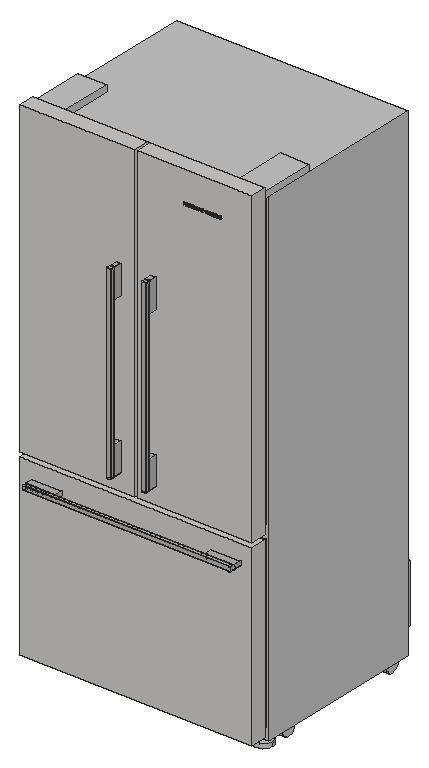
Revit family "FP_Revit_18_RF522ADX5_Fridge_90001947", category Specialty Equipment, Revit 2018
Family settings
  Round Connector Dimension = Use Diameter
  Part Type = Normal
  OmniClass Number = 23.40.40.11.11.17
  OmniClass Title = Refrigerator-Freezer
  Work Plane-Based = No
  Always vertical = Yes
  Cut with Voids When Loaded = Yes
  Shared = No
  Room Calculation Point = No
Parameters
  Visibility - Water Dispenser = yes
  Visibility - Clearance Required = yes
  URL = "www.fisherpaykel.com"
  Product - Width = 790 mm  # constant formula
  Product - Height = 1720 mm  # constant formula
  Product - Depth = 695 mm  # constant formula
  Model = "RF522ADX5"
  Material - Handle = Fisher & Paykel - Aluminium
  Material - Door Structure = Fisher & Paykel - White
  Material - Door Front = Fisher & Paykel - Stainless Steel
  Material - Body = Fisher & Paykel - Grey
  Manufacturer = "Fisher & Paykel Appliances"
  Description = "79cm Freestanding French Door Refrigerator Freezer"
  Connector Description - Electrical = "220-240V, 50Hz"
  Chassis - Width = 790 mm  # constant formula
  Chassis - Height = 1662 mm  # constant formula
  Chassis - Depth = 625 mm  # constant formula
  Cavity - Width = 830 mm  # constant formula
  Cavity - Height = 1735 mm  # constant formula
  Cavity - Depth = 695 mm  # constant formula
Reference planes
  plane 1 "Datum": y = 0
  plane 2: z = 0
  plane 3 "Center (Left/Right)": x = 0
  plane 4 "Product LHS": x = -395
  plane 5 "Product RHS": x = 395
  plane 6 "Product - Depth": y = 625
  plane 7 "Cavity LHS": x = -415
  plane 8 "Cavity RHS": x = 415
  plane 9 "Cavity - Depth": y = 625
  plane 10 "Cavity Height": z = 1735
  plane 11 "Product - Height": z = 1720
  plane 12 "Door Front": y = -70
Forms (mm)
  Extrusion 1, solid, material "Fisher & Paykel - Grey" <- "Material - Body"
    sketch origin (0, -1.89, -0.809) x (0, 1, 0) y (0, 0, 1)
      loop
        line (1.89, 24.809) -> (596.89, 24.809) -> (596.89, 1686.809) -> (1.89, 1686.809) -> (1.89, 24.809)
    from -395 to 395
  Extrusion 2, solid, material "Fisher & Paykel - Clearance Required", visible <- "Visibility - Clearance Required", detail levels coarse
    sketch origin (0, 0, 0) x (0, 1, 0) y (0, 0, 1)
      loop
        line (-70.043, 646) -> (-446.043, 646) -> (-446.043, 592) -> (-487, 592) -> (-487, 576) -> (-446.043, 576) -> (-446.043, 40) -> (-70.043, 40) -> (-70.043, 646)
    from -415 to 415
  Extrusion 3, solid, material "Fisher & Paykel - White" <- "Material - Door Structure"
    sketch origin (0, 0, 0) x (1, 0, 0) y (0, 0, 1)
      loop
        line (-387, 638) -> (-387, 62) -> (387, 62) -> (387, 638) -> (-387, 638)
      loop
        line (-12, 682) -> (-12, 1680) -> (-387, 1680) -> (-387, 682) -> (-12, 682)
      loop
        line (12, 682) -> (387, 682) -> (387, 1680) -> (12, 1680) -> (12, 682)
    from 0 to 15
  Extrusion 4, solid, material "Fisher & Paykel - Stainless Steel" <- "Material - Door Front"
    sketch origin (0, 0, 0) x (1, 0, 0) y (0, 0, 1)
      loop
        line (-395, 660) -> (-4, 660) -> (-4, 1720) -> (-395, 1720) -> (-395, 660)
      loop
        line (4, 1720) -> (4, 660) -> (395, 660) -> (395, 1720) -> (4, 1720)
    from 15 to 70.043
  Extrusion 5, solid, material "Fisher & Paykel - Clearance Required", visible <- "Visibility - Clearance Required", detail levels coarse
    sketch origin (0, 0, 0) x (1, 0, 0) y (0, 1, 0)
      loop
        line (-415, 625) -> (-415, 0) -> (-529.999, 0) -> (-529.999, -70) -> (529.999, -70) -> (529.999, 0) -> (415, 0) -> (415, 625) -> (-415, 625)
    from 0 to 1735
  Extrusion 6, solid, material "Fisher & Paykel - Grey" <- "Material - Body", detail levels medium+fine
    sketch origin (0, 0, 0) x (1, 0, 0) y (0, 1, 0)
      loop
        line (-296.4, 174) -> (-393.4, 174) -> (-393.4, -15) -> (-296.4, -15) -> (-296.4, 174)
      loop
        line (296.4, 174) -> (296.4, -15) -> (393.4, -15) -> (393.4, 174) -> (296.4, 174)
    from 1686 to 1708
  Extrusion 7, solid, material "Fisher & Paykel - Grey" <- "Material - Body", detail levels medium+fine
    sketch origin (0, 0, 0) x (1, 0, 0) y (0, 1, 0)
      loop
        circle (364.5, 18.6) r 30
      loop
        circle (-364.5, 18.6) r 30
    from 0 to 14
  Extrusion 8, solid, material "Fisher & Paykel - Grey" <- "Material - Body", detail levels medium+fine
    sketch origin (0, 0, 0) x (1, 0, 0) y (0, 1, 0)
      loop
        circle (364.5, 18.6) r 4.9
      loop
        circle (-364.5, 18.6) r 4.9
    from 14 to 24
  Extrusion 9, solid, material "Fisher & Paykel - Grey" <- "Material - Body", detail levels medium+fine
    sketch origin (0, 0, 0) x (0, 1, 0) y (0, 0, 1)
      loop
        arc (63.5, 24) -> (87.5, 0) -> (111.5, 24) r 24
        line (111.5, 24) -> (63.5, 24)
      loop
        arc (505, 24) -> (529, 0) -> (553, 24) r 24
        line (553, 24) -> (505, 24)
    from -393.35 to -376.65
  Extrusion 10, solid, material "Fisher & Paykel - Grey" <- "Material - Body", detail levels medium+fine
    sketch origin (0, 0, 0) x (0, 1, 0) y (0, 0, -1)
      loop
        line (63.5, -24) -> (111.5, -24)
        arc (111.5, -24) -> (87.5, 0) -> (63.5, -24) r 24
      loop
        line (505, -24) -> (553, -24)
        arc (553, -24) -> (529, 0) -> (505, -24) r 24
    from -393.35 to -376.65
  Extrusion 11, solid, material "Fisher & Paykel - Grey" <- "Material - Body"
    sketch origin (0, 0, 0) x (0, 1, 0) y (0, 0, 1)
      loop
        line (595, 24) -> (625, 24) -> (625, 294) -> (595, 324) -> (595, 24)
    from -375 to 375
  Extrusion 12, void
    sketch origin (0, 0, 0) x (1, 0, 0) y (0, 0, 1)
      loop
        line (280, 94) -> (280, 24) -> (375, 24) -> (375, 94) -> (280, 94)
      loop
        circle (355, 69) r 5
      loop
        circle (295, 69) r 5
    from -625 to -595
  Extrusion 13, solid, material "Fisher & Paykel - Stainless Steel" <- "Material - Door Front"
    sketch origin (0, 0, 0) x (0, 1, 0) y (0, 0, 1)
      loop
        line (-15, 646) -> (-70, 646) -> (-70, 40) -> (-15, 40) -> (-15, 646)
    from -395 to 395
  Extrusion 14, solid, material "Fisher & Paykel - Clearance Required", visible <- "Visibility - Clearance Required", detail levels coarse
    sketch origin (0, 0, 0) x (1, 0, 0) y (0, 1, 0)
      loop
        line (-447.872, -70) -> (-636.214, -239.584) -> (-663.648, -209.115) -> (-675.522, -219.806) -> (-648.088, -250.275) -> (-687.146, -285.443)
        arc (-687.146, -285.443) -> (-276.673, -400.858) -> (-7.709, -70) r 388.337
        line (-7.709, -70) -> (-447.872, -70)
      loop
        line (447.872, -70) -> (7.709, -70)
        arc (7.709, -70) -> (276.673, -400.858) -> (687.146, -285.443) r 388.337
        line (687.146, -285.443) -> (648.088, -250.275) -> (675.522, -219.806) -> (663.648, -209.115) -> (636.214, -239.584) -> (447.872, -70)
    from 660 to 1735
  Extrusion 15, void
    sketch origin (0, 0, 0) x (1, 0, 0) y (0, 1, 0)
      loop
        line (-415, 625) -> (-415, 0) -> (-529.999, 0) -> (-529.999, -70) -> (529.999, -70) -> (529.999, 0) -> (415, 0) -> (415, 625) -> (-415, 625)
    from 0 to 1735
Cuts and joins
  Extrusion 12 cuts Extrusion 1
  Extrusion 12 cuts Extrusion 11
Text (mm)
  text "Due to ongoing product development, product details are subject to change without notice. \nPlease always refer to www.fisherpaykel.com for the most current product information. \n© Fisher & Paykel 2020" at (41.04, -527.568, 0), in view "Ref. Level (Plan)"
Dimensions and locks
  equal spacing: plane 4 "Product LHS", plane 3 "Center (Left/Right)", plane 5 "Product RHS"
  "Product - Width": plane 4 "Product LHS" to plane 5 "Product RHS"
  equal spacing: plane 7 "Cavity LHS", plane 3 "Center (Left/Right)", plane 8 "Cavity RHS"
  "Cavity - Width": plane 7 "Cavity LHS" to plane 8 "Cavity RHS"
  "Cavity - Height": plane 10 "Cavity Height" to level
  "Product - Height": level to plane 11 "Product - Height"
  plane 7 "Cavity LHS" to plane 4 "Product LHS" = 20 mm  (x2)
  plane 5 "Product RHS" to plane 8 "Cavity RHS" = 20 mm
  Extrusion 5 to plane 4 "Product LHS" = 134.999 mm
  plane 5 "Product RHS" to Extrusion 5 = 134.999 mm
  "Cavity - Depth": plane 12 "Door Front" to plane 9 "Cavity - Depth"
  plane 12 "Door Front" to plane 1 "Datum" = 70 mm
  "Chassis - Depth": plane 6 "Product - Depth" to plane 1 "Datum"
  "Product - Depth": plane 6 "Product - Depth" to plane 12 "Door Front"
  "Chassis - Height": cut or joined group of Extrusion 1, Extrusion 12 to cut or joined group of Extrusion 1, Extrusion 12
  locked: plane 9 "Cavity - Depth" to cut or joined group of Extrusion 1, Extrusion 12 at 30
  Extrusion 2 to plane 12 "Door Front" = 376.043 mm
  aligned and locked: level to plane 2
  aligned and locked: plane 4 "Product LHS" to Extrusion 1
  aligned and locked: Extrusion 1 to plane 5 "Product RHS"
  aligned and locked: Extrusion 7 to level
  aligned and locked: Extrusion 12 to Extrusion 11
  aligned and locked: plane 9 "Cavity - Depth" to Extrusion 5
  aligned and locked: plane 6 "Product - Depth" to Extrusion 12
  aligned and locked: plane 12 "Door Front" to Extrusion 5 sketch curve
  aligned and locked: Extrusion 5 sketch curve to plane 1 "Datum"
  aligned and locked: plane 12 "Door Front" to Extrusion 13 sketch curve
  aligned and locked: Extrusion 13 to plane 5 "Product RHS"
  aligned and locked: plane 4 "Product LHS" to Extrusion 13
  aligned and locked: Extrusion 13 to Extrusion 2
  aligned and locked: Extrusion 5 to Extrusion 14
  aligned and locked: Extrusion 4 sketch curve to Extrusion 4 sketch curve
  aligned and locked: Extrusion 5 to plane 10 "Cavity Height"
  aligned and locked: plane 7 "Cavity LHS" to Extrusion 2
  aligned and locked: Extrusion 2 to plane 8 "Cavity RHS"
Automatic sketch dimensions
  Extrusion 1 sketch curve to plane 1 "Datum" = 0 mm
  Extrusion 1 sketch curve to plane 6 "Product - Depth" = 30 mm
  level to Extrusion 1 sketch curve = 24 mm
  plane 11 "Product - Height" to Extrusion 1 sketch curve = 34 mm
  plane 12 "Door Front" to Extrusion 2 sketch curve = 417 mm
  Extrusion 2 sketch curve to Extrusion 2 sketch curve = 40.957 mm
  Extrusion 2 sketch curve to Extrusion 2 sketch curve = 0 mm
  plane 12 "Door Front" to Extrusion 2 sketch curve = 0.043 mm
  level to Extrusion 2 sketch curve = 40 mm
  Extrusion 2 sketch curve to Extrusion 2 sketch curve = 536 mm
  Extrusion 2 sketch curve to Extrusion 2 sketch curve = 16 mm
  Extrusion 2 sketch curve to Extrusion 2 sketch curve = 54 mm
  Extrusion 3 sketch curve to plane 4 "Product LHS" = 8 mm  (x2)
  Extrusion 3 sketch curve to plane 3 "Center (Left/Right)" = 12 mm
  plane 3 "Center (Left/Right)" to Extrusion 3 sketch curve = 12 mm
  plane 5 "Product RHS" to Extrusion 3 sketch curve = 8 mm  (x2)
  level to Extrusion 3 sketch curve = 62 mm
  Extrusion 3 sketch curve to Extrusion 3 sketch curve = 576 mm
  Extrusion 3 sketch curve to Extrusion 3 sketch curve = 44 mm
  Extrusion 3 sketch curve to Extrusion 3 sketch curve = 0 mm  (x2)
  plane 11 "Product - Height" to Extrusion 3 sketch curve = 40 mm
  plane 4 "Product LHS" to Extrusion 4 sketch curve = 0 mm
  plane 5 "Product RHS" to Extrusion 4 sketch curve = 0 mm
  Extrusion 4 sketch curve to plane 11 "Product - Height" = 0 mm
  Extrusion 4 sketch curve to plane 3 "Center (Left/Right)" = 4 mm
  plane 3 "Center (Left/Right)" to Extrusion 4 sketch curve = 4 mm
  level to Extrusion 4 sketch curve = 660 mm
  Extrusion 4 sketch curve to Extrusion 4 sketch curve = 0 mm
  Extrusion 5 sketch curve to plane 6 "Product - Depth" = 0 mm
  Extrusion 5 sketch curve to plane 7 "Cavity LHS" = 0 mm
  Extrusion 5 sketch curve to plane 8 "Cavity RHS" = 0 mm
  plane 1 "Datum" to Extrusion 5 sketch curve = 0 mm
  Extrusion 5 sketch curve to Extrusion 5 sketch curve = 114.999 mm  (x2)
  Extrusion 6 sketch curve to plane 4 "Product LHS" = 1.6 mm
  plane 1 "Datum" to Extrusion 6 sketch curve = 15 mm  (x2)
  Extrusion 6 sketch curve to Extrusion 6 sketch curve = 97 mm
  plane 5 "Product RHS" to Extrusion 6 sketch curve = 98.6 mm
  plane 5 "Product RHS" to Extrusion 6 sketch curve = 1.6 mm
  Extrusion 6 sketch curve to plane 1 "Datum" = 174 mm  (x2)
  Extrusion 7 sketch curve to plane 4 "Product LHS" = 30.5 mm
  plane 5 "Product RHS" to Extrusion 7 sketch curve = 30.5 mm
  Extrusion 7 sketch curve to plane 1 "Datum" = 18.6 mm  (x2)
  Extrusion 8 sketch curve to plane 4 "Product LHS" = 30.5 mm
  plane 5 "Product RHS" to Extrusion 8 sketch curve = 30.5 mm
  Extrusion 8 sketch curve to plane 1 "Datum" = 18.6 mm  (x2)
  Extrusion 9 sketch curve to plane 1 "Datum" = 63.5 mm
  Extrusion 9 sketch curve to Extrusion 9 sketch curve = 24 mm  (x2)
  level to Extrusion 9 sketch curve = 24 mm  (x2)
  Extrusion 9 sketch curve to plane 6 "Product - Depth" = 120 mm
  Extrusion 10 sketch curve to plane 1 "Datum" = 63.5 mm
  Extrusion 10 sketch curve to Extrusion 10 sketch curve = 24 mm  (x2)
  level to Extrusion 10 sketch curve = 24 mm  (x2)
  Extrusion 10 sketch curve to plane 6 "Product - Depth" = 120 mm
  Extrusion 11 sketch curve to plane 6 "Product - Depth" = 0 mm
  Extrusion 11 sketch curve to plane 6 "Product - Depth" = 30 mm
  level to Extrusion 11 sketch curve = 24 mm
  Extrusion 11 sketch curve to Extrusion 11 sketch curve = 270 mm
  Extrusion 11 sketch curve to Extrusion 11 sketch curve = 30 mm
  plane 5 "Product RHS" to Extrusion 12 sketch curve = 115 mm
  Extrusion 12 sketch curve to Extrusion 12 sketch curve = 15 mm
  plane 5 "Product RHS" to Extrusion 12 sketch curve = 40 mm
  plane 5 "Product RHS" to Extrusion 12 sketch curve = 20 mm
  level to Extrusion 12 sketch curve = 24 mm
  Extrusion 12 sketch curve to Extrusion 12 sketch curve = 45 mm  (x2)
  Extrusion 12 sketch curve to Extrusion 12 sketch curve = 25 mm
  plane 1 "Datum" to Extrusion 13 sketch curve = 15 mm
  level to Extrusion 13 sketch curve = 40 mm
  Extrusion 13 sketch curve to Extrusion 13 sketch curve = 606 mm
  plane 12 "Door Front" to Extrusion 14 sketch curve = 0 mm  (x2)
  plane 7 "Cavity LHS" to Extrusion 14 sketch curve = 272.146 mm
  Extrusion 14 sketch curve to Extrusion 14 sketch curve = 11.623 mm
  plane 12 "Door Front" to Extrusion 14 sketch curve = 139.115 mm  (x2)
  Extrusion 14 sketch curve to Extrusion 14 sketch curve = 11.874 mm  (x2)
  plane 12 "Door Front" to Extrusion 14 sketch curve = 180.275 mm
  Extrusion 14 sketch curve to Extrusion 14 sketch curve = 27.434 mm
  plane 1 "Datum" to Extrusion 14 sketch curve = 239.584 mm
  Extrusion 14 sketch curve to plane 4 "Product LHS" = 0.949 mm
  Extrusion 14 sketch curve to plane 3 "Center (Left/Right)" = 7.709 mm
  plane 3 "Center (Left/Right)" to Extrusion 14 sketch curve = 7.709 mm
  plane 5 "Product RHS" to Extrusion 14 sketch curve = 0.949 mm
  Extrusion 14 sketch curve to plane 8 "Cavity RHS" = 32.872 mm
  plane 12 "Door Front" to Extrusion 14 sketch curve = 169.584 mm
  Extrusion 14 sketch curve to plane 8 "Cavity RHS" = 221.214 mm
  plane 12 "Door Front" to Extrusion 14 sketch curve = 149.806 mm
  plane 1 "Datum" to Extrusion 14 sketch curve = 285.443 mm
  plane 1 "Datum" to Extrusion 15 sketch curve = 0 mm  (x2)
  plane 12 "Door Front" to Extrusion 15 sketch curve = 0 mm
  Extrusion 15 sketch curve to plane 6 "Product - Depth" = 0 mm
  Extrusion 15 sketch curve to plane 7 "Cavity LHS" = 0 mm
  Extrusion 15 sketch curve to plane 8 "Cavity RHS" = 0 mm
  Extrusion 15 sketch curve to Extrusion 15 sketch curve = 114.999 mm  (x2)
  radius of Extrusion 7 sketch curve = 30 mm  (x2)
  radius of Extrusion 8 sketch curve = 4.9 mm  (x2)
  radius of Extrusion 12 sketch curve = 5 mm  (x2)
Nested families
  nested 1: "F&P Logo 130mm" at (227, -70, 1612.221), type "F&P Logo 130mm"
  nested 2: "F&P Handle Contemporary Square - Horizontal" at (0, -70, 583.026), type "Aluminium"
    with Handle - Length 710 mm
  nested 3: "F&P Handle Contemporary Square - Vertical" at (60, -70, 1036), type "Aluminium"
  nested 4: "F&P Handle Contemporary Square - Vertical" at (-60, -70, 1036), type "Aluminium"
Connectors
  electrical at (355, 625, 69), driven by "Connector Description - Electrical"
    settings: on cut or joined group of Extrusion 11, Extrusion 12, index 1, voltage 230 V, apparent load 0 VA, apparent load phase1 0 VA, apparent load phase2 0 VA, apparent load phase3 0 VA, power factor 1, load classification "Other", number of poles 1, system type 30, power factor state 1, is connector primary yes, connector utility no, sub classification motor no, connector description "220-240V, 50Hz"
Definition of nested family "F&P Logo 130mm"
  Parameters (values of type "F&P Logo 130mm")
    URL = "www.fisherpaykel.com"
    Material - Logo = none
    Manufacturer = "Fisher & Paykel Appliances"
  Reference planes
    plane 1 "Center (Front/Back)": y = 0
    plane 2: z = 0
    plane 3 "Center (Left/Right)": x = 0
  Forms (mm)
    Extrusion 1, solid, material <- "Material - Logo", detail levels fine
      sketch origin (0, 0, 0) x (1, 0, 0) y (0, 0, 1)
        loop
          line (-64.995, 0) -> (-62.949, 0) -> (-62.949, 2.779) -> (-59.752, 2.779) -> (-59.752, 4.514) -> (-62.949, 4.514) -> (-62.949, 6.125) -> (-59.47, 6.125) -> (-59.47, 7.852) -> (-64.995, 7.852) -> (-64.995, 0)
        loop
          line (-55.583, 7.852) -> (-55.583, 0) -> (-53.537, 0) -> (-53.537, 7.852) -> (-55.583, 7.852)
        loop
          line (-39.879, 7.852) -> (-39.879, 0) -> (-37.834, 0) -> (-37.834, 3.146) -> (-34.828, 3.146) -> (-34.828, 0) -> (-32.782, 0) -> (-32.782, 7.852) -> (-34.828, 7.852) -> (-34.828, 4.872) -> (-37.834, 4.872) -> (-37.834, 7.852) -> (-39.879, 7.852)
        loop
          line (-28.416, 7.852) -> (-28.416, 0) -> (-22.821, 0) -> (-22.821, 1.727) -> (-26.388, 1.727) -> (-26.388, 3.146) -> (-23.128, 3.146) -> (-23.128, 4.872) -> (-26.388, 4.872) -> (-26.388, 6.125) -> (-22.821, 6.125) -> (-22.821, 7.852) -> (-28.416, 7.852)
        loop
          line (59.429, 7.852) -> (59.429, 0) -> (65.005, 0) -> (65.005, 1.727) -> (61.476, 1.727) -> (61.476, 7.852) -> (59.429, 7.852)
        loop
          line (55.223, 7.852) -> (49.609, 7.852) -> (49.609, 0) -> (55.223, 0) -> (55.223, 1.727) -> (51.655, 1.727) -> (51.655, 3.146) -> (54.916, 3.146) -> (54.916, 4.872) -> (51.655, 4.872) -> (51.655, 6.125) -> (55.223, 6.125) -> (55.223, 7.852)
        loop
          line (43.548, 4.092) -> (46.45, 7.852) -> (44.059, 7.852) -> (41.552, 4.604) -> (41.552, 7.852) -> (39.507, 7.852) -> (39.507, 0) -> (41.552, 0) -> (41.552, 3.517) -> (44.136, 0) -> (46.554, 0) -> (43.548, 4.092)
        loop
          line (28.637, 7.852) -> (31.604, 3.146) -> (31.604, 0) -> (33.65, 0) -> (33.65, 3.043) -> (36.617, 7.852) -> (34.443, 7.852) -> (32.692, 4.819) -> (30.941, 7.852) -> (28.637, 7.852)
        loop
          line (24.085, 7.852) -> (22.141, 7.852) -> (18.943, 0) -> (20.952, 0) -> (21.514, 1.445) -> (24.66, 1.445) -> (25.223, 0) -> (27.282, 0) -> (24.085, 7.852)
        loop
          line (23.982, 3.171) -> (23.064, 5.426) -> (22.186, 3.171) -> (23.982, 3.171)
        loop
          line (10.503, 7.852) -> (10.503, 0) -> (12.55, 0) -> (12.55, 2.519) -> (13.842, 2.519)
          arc (13.842, 2.519) -> (16.508, 5.186) -> (13.842, 7.852) r 2.666
          line (13.842, 7.852) -> (10.503, 7.852)
        loop
          line (12.55, 6.125) -> (12.55, 4.156) -> (13.714, 4.156)
          arc (13.714, 4.156) -> (14.699, 5.141) -> (13.714, 6.125) r 0.985
          line (13.714, 6.125) -> (12.55, 6.125)
        loop
          line (-15.255, 7.852) -> (-18.614, 7.852) -> (-18.614, 0) -> (-16.568, 0) -> (-16.568, 2.052) -> (-15.768, 2.052) -> (-14.202, 0) -> (-11.836, 0) -> (-13.84, 2.565)
          arc (-13.84, 2.565) -> (-12.519, 5.752) -> (-15.255, 7.852) r 2.833
        loop
          line (-15.404, 6.125) -> (-16.568, 6.125) -> (-16.568, 3.969) -> (-15.404, 3.969)
          arc (-15.404, 3.969) -> (-14.326, 5.047) -> (-15.404, 6.125) r 1.078
        loop
          line (0.683, 6.125) -> (0.683, 7.999) -> (-4.586, 7.999) -> (-4.586, 6.306) -> (-3.804, 5.345)
          arc (-3.804, 5.345) -> (-4.501, 0.889) -> (0.004, 0.665) r 3.034
          line (0.004, 0.665) -> (0.546, 0) -> (2.867, 0) -> (1.181, 2.072) -> (2.704, 4.268) -> (0.602, 4.268) -> (0.046, 3.467) -> (-2.117, 6.125) -> (0.683, 6.125)
        loop
          arc (-2.7, 3.989) -> (-2.887, 2.168) -> (-1.066, 1.981) r 1.294
          line (-1.066, 1.981) -> (-2.7, 3.989)
        loop
          line (-45.672, 4.724) -> (-47.408, 5.084)
          arc (-47.408, 5.084) -> (-48.101, 5.776) -> (-47.408, 6.469) r 0.693
          arc (-47.408, 6.469) -> (-45.742, 6.227) -> (-44.214, 5.522) r 5.856
          line (-44.214, 5.522) -> (-44.214, 7.466)
          arc (-44.214, 7.466) -> (-46.152, 8.033) -> (-48.168, 7.942) r 6.144
          arc (-48.168, 7.942) -> (-50.034, 5.635) -> (-48.168, 3.329) r 2.358
          line (-48.168, 3.329) -> (-46.418, 2.967)
          arc (-46.418, 2.967) -> (-45.725, 2.274) -> (-46.418, 1.581) r 0.693
          arc (-46.418, 1.581) -> (-48.083, 1.823) -> (-49.611, 2.528) r 5.856
          line (-49.611, 2.528) -> (-49.611, 0.584)
          arc (-49.611, 0.584) -> (-47.674, 0.017) -> (-45.658, 0.108) r 6.144
          arc (-45.658, 0.108) -> (-43.791, 2.422) -> (-45.672, 4.724) r 2.358
      from 0 to 0.8
  Dimensions and locks
    aligned and locked: level to plane 2
Definition of nested family "F&P Handle Contemporary Square - Horizontal"
  Parameters (values of type "Aluminium (Dark)")
    URL = "www.fisherpaykel.com"
    Material - Handle = none
    Manufacturer = "Fisher & Paykel Appliances"
    Handle - Standoff = 100 mm
    Handle - Length = 820 mm
  Types (2): name
    Aluminium
    Aluminium (Dark)
  Reference planes
    plane 1 "Center (Front/Back)": y = 0
    plane 2: z = 0
    plane 3 "Center (Left/Right)": x = 0
    plane 4 "Product LHS": x = -410
    plane 5 "Product RHS": x = 410
    plane 6 "LHS Standoff": x = -310
    plane 7 "RHS Standoff": x = 310
  Forms (mm)
    Extrusion 1, solid, material <- "Material - Handle", detail levels fine
      sketch origin (0, 0, 0) x (0, 1, 0) y (0, 0, 1)
        loop
          arc (-27.701, 7.561) -> (-28.057, 7.868) -> (-28.514, 7.978) r 1
          line (-28.514, 7.978) -> (-39.5, 7.978)
          arc (-39.5, 7.978) -> (-40.561, 7.539) -> (-41, 6.478) r 1.5
          line (-41, 6.478) -> (-41, -6.522)
          arc (-41, -6.522) -> (-40.561, -7.583) -> (-39.5, -8.022) r 1.5
          line (-39.5, -8.022) -> (-28.487, -8.022)
          arc (-28.487, -8.022) -> (-28.029, -7.911) -> (-27.673, -7.602) r 1
          arc (-27.673, -7.602) -> (-25.256, -0.016) -> (-27.701, 7.561) r 13.038
      from -410 to 410
    Extrusion 2, solid, material <- "Material - Handle", detail levels fine
      sketch origin (0, 0, 0) x (0, 1, 0) y (0, 0, 1)
        loop
          arc (-27.23, 7.062) -> (-25.156, 0.008) -> (-27.198, -7.056) r 13.136
          arc (-27.198, -7.056) -> (-27.21, -7.463) -> (-26.86, -7.67) r 0.4
          line (-26.86, -7.67) -> (0, -7.67) -> (0, 7.678) -> (-26.893, 7.678)
          arc (-26.893, 7.678) -> (-27.244, 7.47) -> (-27.23, 7.062) r 0.4
      from 310 to 410
    Extrusion 3, solid, material <- "Material - Handle", detail levels fine
      sketch origin (0, 0, 0) x (0, 1, 0) y (0, 0, -1)
        loop
          arc (-27.23, -7.062) -> (-27.244, -7.47) -> (-26.893, -7.678) r 0.4
          line (-26.893, -7.678) -> (0, -7.678) -> (0, 7.67) -> (-26.86, 7.67)
          arc (-26.86, 7.67) -> (-27.21, 7.463) -> (-27.198, 7.056) r 0.4
          arc (-27.198, 7.056) -> (-25.156, -0.008) -> (-27.23, -7.062) r 13.136
      from 310 to 410
    Sweep 4, void
      path in 3D
        loop
          line (410, -28.514, 7.978) -> (410, -39.5, 7.978)
          arc (410, -39.5, 7.978) -> (410, -40.561, 7.539) -> (410, -41, 6.478) r 1.5
          line (410, -41, 6.478) -> (410, -41, -6.522)
          arc (410, -41, -6.522) -> (410, -40.561, -7.583) -> (410, -39.5, -8.022) r 1.5
          line (410, -39.5, -8.022) -> (410, -28.487, -8.022)
      profile origin (410, -34.007, 7.978) x (1, 0, 0) y (0, 0, 1)
        loop
          line (0, 0) -> (-1.3, 0) -> (0, -1.3) -> (0, 0)
    Sweep 5, void
      path in 3D
        loop
          line (-410, -28.487, -8.022) -> (-410, -39.5, -8.022)
          arc (-410, -39.5, -8.022) -> (-410, -40.561, -7.583) -> (-410, -41, -6.522) r 1.5
          line (-410, -41, -6.522) -> (-410, -41, 6.478)
          arc (-410, -41, 6.478) -> (-410, -40.561, 7.539) -> (-410, -39.5, 7.978) r 1.5
          line (-410, -39.5, 7.978) -> (-410, -28.514, 7.978)
      profile origin (-410, -34.007, 7.978) x (-1, 0, 0) y (0, 0, 1)
        loop
          line (0, 0) -> (-1.3, 0) -> (0, -1.3) -> (0, 0)
    Extrusion 6, void
      sketch origin (0, 0, 0) x (1, 0, 0) y (0, 0, 1)
        loop
          line (410, 7.978) -> (408.7, 7.978) -> (410, 6.678) -> (410, 7.978)
        loop
          line (410, -8.022) -> (410, -6.722) -> (408.7, -8.022) -> (410, -8.022)
      from 0 to 28.514
    Extrusion 7, void
      sketch origin (0, 0, 0) x (1, 0, 0) y (0, 0, 1)
        loop
          line (-410, 7.978) -> (-410, 6.678) -> (-408.7, 7.978) -> (-410, 7.978)
        loop
          line (-410, -8.022) -> (-408.7, -8.022) -> (-410, -6.722) -> (-410, -8.022)
      from 0 to 28.487
    Extrusion 8, solid, material <- "Material - Handle", detail levels coarse+medium
      sketch origin (0, 0, 0) x (1, 0, 0) y (0, 1, 0)
        loop
          line (-410, -41) -> (410, -41) -> (410, 0) -> (310, 0) -> (310, -26.156) -> (-310, -26.156) -> (-310, 0) -> (-410, 0) -> (-410, -41)
      from -8.022 to 7.978
  Cuts and joins
    Sweep 4, Sweep 5, Extrusion 6, Extrusion 7 cuts Extrusion 1
    Extrusion 6 cuts Extrusion 2
    Extrusion 7 cuts Extrusion 3
  Lines and regions (mm)
    sketch lines
      curve 1: line (410, -28.514, 7.978) -> (410, -39.5, 7.978)
      curve 2: arc (410, -41, 6.478) -> (410, -40.561, 7.539) -> (410, -39.5, 7.978) r 1.5
      curve 3: line (410, -41, 6.478) -> (410, -41, -6.522)
      curve 4: arc (410, -39.5, -8.022) -> (410, -40.561, -7.583) -> (410, -41, -6.522) r 1.5
      curve 5: line (410, -39.5, -8.022) -> (410, -28.487, -8.022)
      curve 6: line (-410, -39.5, 7.978) -> (-410, -28.514, 7.978)
      curve 7: arc (-410, -39.5, 7.978) -> (-410, -40.561, 7.539) -> (-410, -41, 6.478) r 1.5
      curve 8: line (-410, -41, -6.522) -> (-410, -41, 6.478)
      curve 9: arc (-410, -41, -6.522) -> (-410, -40.561, -7.583) -> (-410, -39.5, -8.022) r 1.5
      curve 10: line (-410, -28.487, -8.022) -> (-410, -39.5, -8.022)
  Dimensions and locks
    equal spacing: plane 4 "Product LHS", plane 3 "Center (Left/Right)", plane 5 "Product RHS"
    "Handle - Length": plane 4 "Product LHS" to plane 5 "Product RHS"
    "Handle - Standoff": plane 4 "Product LHS" to plane 6 "LHS Standoff"
    "Handle - Standoff": plane 7 "RHS Standoff" to plane 5 "Product RHS"
    Extrusion 8 to plane 1 "Center (Front/Back)" = 41 mm
    aligned and locked: level to plane 2
    aligned and locked: Extrusion 1 to plane 5 "Product RHS"
    aligned and locked: plane 4 "Product LHS" to Extrusion 1
    aligned and locked: Extrusion 2 to plane 5 "Product RHS"
    aligned and locked: plane 4 "Product LHS" to Extrusion 3
    aligned and locked: plane 4 "Product LHS" to Extrusion 8 sketch curve
    aligned and locked: Extrusion 8 sketch curve to plane 5 "Product RHS"
    aligned and locked: Extrusion 8 sketch curve to plane 7 "RHS Standoff"
    aligned and locked: plane 6 "LHS Standoff" to Extrusion 8 sketch curve
    aligned and locked: Extrusion 2 to plane 7 "RHS Standoff"
    aligned and locked: plane 6 "LHS Standoff" to Extrusion 3
  Automatic sketch dimensions
    Extrusion 1 sketch curve to level = 6.522 mm
    plane 1 "Center (Front/Back)" to Extrusion 1 sketch curve = 41 mm
    Extrusion 1 sketch curve to Extrusion 1 sketch curve = 1.5 mm  (x2)
    Extrusion 1 sketch curve to level = 0.04 mm
    Extrusion 1 sketch curve to Extrusion 1 sketch curve = 1.206 mm
    level to Extrusion 1 sketch curve = 6.978 mm
    Extrusion 1 sketch curve to Extrusion 1 sketch curve = 10.986 mm
    Extrusion 1 sketch curve to Extrusion 1 sketch curve = 11.013 mm
    Extrusion 1 sketch curve to Extrusion 1 sketch curve = 1 mm
    level to Extrusion 1 sketch curve = 6.478 mm
    Extrusion 1 sketch curve to Extrusion 1 sketch curve = 0 mm
    Extrusion 2 sketch curve to plane 1 "Center (Front/Back)" = 0 mm
    Extrusion 2 sketch curve to level = 7.67 mm
    Extrusion 2 sketch curve to Extrusion 2 sketch curve = 26.86 mm
    level to Extrusion 2 sketch curve = 7.678 mm
    Extrusion 2 sketch curve to Extrusion 2 sketch curve = 0.033 mm
    Extrusion 2 sketch curve to level = 0.022 mm
    Extrusion 2 sketch curve to Extrusion 2 sketch curve = 11.398 mm
    Extrusion 2 sketch curve to Extrusion 2 sketch curve = 0.4 mm  (x2)
    Extrusion 2 sketch curve to Extrusion 2 sketch curve = 0 mm
    Extrusion 3 sketch curve to plane 1 "Center (Front/Back)" = 0 mm
    Extrusion 3 sketch curve to level = 7.67 mm
    Extrusion 3 sketch curve to Extrusion 3 sketch curve = 26.86 mm
    level to Extrusion 3 sketch curve = 7.678 mm
    Extrusion 3 sketch curve to Extrusion 3 sketch curve = 0.033 mm
    Extrusion 3 sketch curve to level = 0.022 mm
    Extrusion 3 sketch curve to Extrusion 3 sketch curve = 11.398 mm
    Extrusion 3 sketch curve to Extrusion 3 sketch curve = 0.4 mm  (x2)
    Extrusion 3 sketch curve to Extrusion 3 sketch curve = 0 mm
    profile plane to Sweep 4 sketch curve = 0 mm
    Sweep 4 sketch curve to profile plane = 0 mm
    Sweep 4 sketch curve to profile plane = 1.3 mm
    profile plane to Sweep 4 sketch curve = 1.3 mm
    Sweep 5 sketch curve to profile plane = 0 mm  (x2)
    profile plane to Sweep 5 sketch curve = 1.3 mm
    Sweep 5 sketch curve to profile plane = 1.3 mm
    plane 5 "Product RHS" to Extrusion 6 sketch curve = 0 mm  (x2)
    Extrusion 6 sketch curve to Extrusion 6 sketch curve = 1.3 mm  (x4)
    Extrusion 6 sketch curve to level = 6.722 mm
    level to Extrusion 6 sketch curve = 6.678 mm
    plane 4 "Product LHS" to Extrusion 7 sketch curve = 0 mm  (x2)
    Extrusion 7 sketch curve to plane 4 "Product LHS" = 1.3 mm  (x2)
    Extrusion 7 sketch curve to level = 8.022 mm
    level to Extrusion 7 sketch curve = 6.678 mm
    Extrusion 7 sketch curve to Extrusion 7 sketch curve = 1.3 mm  (x2)
    plane 1 "Center (Front/Back)" to Extrusion 8 sketch curve = 0 mm  (x2)
    Extrusion 8 sketch curve to Extrusion 8 sketch curve = 26.156 mm
    Extrusion 8 sketch curve to Extrusion 8 sketch curve = 41 mm
Definition of nested family "F&P Handle Contemporary Square - Vertical"
  Parameters (values of type "Alunimium (Dark)")
    URL = "www.fisherpaykel.com"
    Material - Handle = none
    Manufacturer = "Fisher & Paykel Appliances"
    Handle - Standoff = 100 mm
    Handle - Length = 642 mm
  Types (2): name
    Alunimium (Dark)
    Alunimium
  Reference planes
    plane 1 "Center (Front/Back)": y = 0
    plane 2: z = 0
    plane 3 "Center (Left/Right)": x = 0
    plane 4 "Top": z = 321
    plane 5 "Bottom": z = -321
    plane 6 "Top Standoff": z = 221
    plane 7 "Bottom Standoff": z = -221
  Forms (mm)
    Extrusion 1, solid, material <- "Material - Handle", detail levels fine
      sketch origin (0, 0, 0) x (1, 0, 0) y (0, 1, 0)
        loop
          arc (-7.583, -28.701) -> (-7.89, -29.057) -> (-8, -29.514) r 1
          line (-8, -29.514) -> (-8, -40.5)
          arc (-8, -40.5) -> (-7.561, -41.561) -> (-6.5, -42) r 1.5
          line (-6.5, -42) -> (6.5, -42)
          arc (6.5, -42) -> (7.561, -41.561) -> (8, -40.5) r 1.5
          line (8, -40.5) -> (8, -29.487)
          arc (8, -29.487) -> (7.889, -29.029) -> (7.58, -28.673) r 1
          arc (7.58, -28.673) -> (-0.006, -26.256) -> (-7.583, -28.701) r 13.038
      from -321 to 321
    Extrusion 2, solid, material <- "Material - Handle", detail levels fine
      sketch origin (0, 0, 0) x (1, 0, 0) y (0, 1, 0)
        loop
          arc (7.058, -28.23) -> (7.466, -28.244) -> (7.674, -27.893) r 0.4
          line (7.674, -27.893) -> (7.674, 0) -> (-7.674, 0) -> (-7.674, -27.86)
          arc (-7.674, -27.86) -> (-7.467, -28.21) -> (-7.06, -28.198) r 0.4
          arc (-7.06, -28.198) -> (0.004, -26.156) -> (7.058, -28.23) r 13.136
      from 221 to 321
    Extrusion 3, solid, material <- "Material - Handle", detail levels fine
      sketch origin (0, 0, 0) x (1, 0, 0) y (0, 1, 0)
        loop
          arc (7.058, -28.23) -> (7.466, -28.244) -> (7.674, -27.893) r 0.4
          line (7.674, -27.893) -> (7.674, 0) -> (-7.674, 0) -> (-7.674, -27.86)
          arc (-7.674, -27.86) -> (-7.467, -28.21) -> (-7.06, -28.198) r 0.4
          arc (-7.06, -28.198) -> (0.004, -26.156) -> (7.058, -28.23) r 13.136
      from -321 to -221
    Sweep 4, void
      path in 3D
        loop
          line (-8, -29.514, 321) -> (-8, -40.5, 321)
          arc (-8, -40.5, 321) -> (-7.561, -41.561, 321) -> (-6.5, -42, 321) r 1.5
          line (-6.5, -42, 321) -> (6.5, -42, 321)
          arc (6.5, -42, 321) -> (7.561, -41.561, 321) -> (8, -40.5, 321) r 1.5
          line (8, -40.5, 321) -> (8, -29.487, 321)
      profile origin (8, -34.994, 321) x (-1, 0, 0) y (0, 0, 1)
        loop
          line (0, 0) -> (0, -1.3) -> (1.3, 0) -> (0, 0)
    Sweep 5, void
      path in 3D
        loop
          line (8, -29.487, -321) -> (8, -40.5, -321)
          arc (8, -40.5, -321) -> (7.561, -41.561, -321) -> (6.5, -42, -321) r 1.5
          line (6.5, -42, -321) -> (-6.5, -42, -321)
          arc (-6.5, -42, -321) -> (-7.561, -41.561, -321) -> (-8, -40.5, -321) r 1.5
          line (-8, -40.5, -321) -> (-8, -29.514, -321)
      profile origin (8, -34.994, -321) x (-1, 0, 0) y (0, 0, -1)
        loop
          line (0, 0) -> (0, -1.3) -> (1.3, 0) -> (0, 0)
    Extrusion 6, void
      sketch origin (0, 0, 0) x (1, 0, 0) y (0, 0, 1)
        loop
          line (-8, -319.7) -> (-8, -321) -> (-6.7, -321) -> (-8, -319.7)
        loop
          line (8, -319.7) -> (6.7, -321) -> (8, -321) -> (8, -319.7)
      from 0 to 40
    Extrusion 7, void
      sketch origin (0, 0, 0) x (1, 0, 0) y (0, 0, 1)
        loop
          line (-8, 321) -> (-8, 319.7) -> (-6.7, 321) -> (-8, 321)
        loop
          line (8, 321) -> (6.7, 321) -> (8, 319.7) -> (8, 321)
      from 0 to 40
    Extrusion 8, solid, material <- "Material - Handle", detail levels coarse+medium
      sketch origin (0, 0, 0) x (0, 1, 0) y (0, 0, 1)
        loop
          line (0, 321) -> (-42, 321) -> (-42, -321) -> (0, -321) -> (0, -221) -> (-26.245, -221) -> (-26.245, 221) -> (0, 221) -> (0, 321)
      from -8 to 8
  Cuts and joins
    Sweep 4, Sweep 5, Extrusion 6, Extrusion 7 cuts Extrusion 1
    Extrusion 6 cuts Extrusion 3
    Extrusion 7 cuts Extrusion 2
  Lines and regions (mm)
    sketch lines
      curve 1: line (8, -40.5, 321) -> (8, -29.487, 321)
      curve 2: arc (8, -40.5, 321) -> (7.561, -41.561, 321) -> (6.5, -42, 321) r 1.5
      curve 3: line (-6.5, -42, 321) -> (6.5, -42, 321)
      curve 4: arc (-6.5, -42, 321) -> (-7.561, -41.561, 321) -> (-8, -40.5, 321) r 1.5
      curve 5: line (-8, -29.514, 321) -> (-8, -40.5, 321)
      curve 6: line (8, -29.487, -321) -> (8, -40.5, -321)
      curve 7: arc (6.5, -42, -321) -> (7.561, -41.561, -321) -> (8, -40.5, -321) r 1.5
      curve 8: line (6.5, -42, -321) -> (-6.5, -42, -321)
      curve 9: arc (-8, -40.5, -321) -> (-7.561, -41.561, -321) -> (-6.5, -42, -321) r 1.5
      curve 10: line (-8, -40.5, -321) -> (-8, -29.514, -321)
  Dimensions and locks
    equal spacing: plane 4 "Top", level, plane 5 "Bottom"
    "Handle - Length": plane 4 "Top" to plane 5 "Bottom"
    "Handle - Standoff": plane 4 "Top" to plane 6 "Top Standoff"
    "Handle - Standoff": plane 7 "Bottom Standoff" to plane 5 "Bottom"
    aligned and locked: level to plane 2
    aligned and locked: plane 4 "Top" to Extrusion 2
    aligned and locked: Extrusion 2 to plane 6 "Top Standoff"
    aligned and locked: plane 4 "Top" to Extrusion 1
    aligned and locked: Extrusion 1 to plane 5 "Bottom"
    aligned and locked: Extrusion 3 to plane 5 "Bottom"
    aligned and locked: plane 7 "Bottom Standoff" to Extrusion 3
    aligned and locked: plane 4 "Top" to Extrusion 8 sketch curve
    aligned and locked: plane 6 "Top Standoff" to Extrusion 8 sketch curve
    aligned and locked: plane 7 "Bottom Standoff" to Extrusion 8 sketch curve
    aligned and locked: plane 5 "Bottom" to Extrusion 8 sketch curve
    aligned and locked: plane 1 "Center (Front/Back)" to Extrusion 8 sketch curve  (x2)
  Automatic sketch dimensions
    Extrusion 1 sketch curve to plane 3 "Center (Left/Right)" = 8 mm
    Extrusion 1 sketch curve to Extrusion 1 sketch curve = 1 mm  (x2)
    Extrusion 1 sketch curve to Extrusion 1 sketch curve = 1.5 mm
    plane 3 "Center (Left/Right)" to Extrusion 1 sketch curve = 0.018 mm
    plane 3 "Center (Left/Right)" to Extrusion 1 sketch curve = 6.5 mm
    plane 3 "Center (Left/Right)" to Extrusion 1 sketch curve = 7 mm
    plane 1 "Center (Front/Back)" to Extrusion 1 sketch curve = 42 mm
    Extrusion 1 sketch curve to Extrusion 1 sketch curve = 1.206 mm
    Extrusion 1 sketch curve to Extrusion 1 sketch curve = 10.986 mm
    Extrusion 1 sketch curve to Extrusion 1 sketch curve = 11.013 mm
    Extrusion 1 sketch curve to Extrusion 1 sketch curve = 0 mm
    plane 1 "Center (Front/Back)" to Extrusion 2 sketch curve = 0 mm
    Extrusion 2 sketch curve to plane 3 "Center (Left/Right)" = 7.674 mm
    Extrusion 2 sketch curve to Extrusion 2 sketch curve = 0.4 mm  (x2)
    Extrusion 2 sketch curve to plane 3 "Center (Left/Right)" = 0.026 mm
    plane 3 "Center (Left/Right)" to Extrusion 2 sketch curve = 7.274 mm
    plane 1 "Center (Front/Back)" to Extrusion 2 sketch curve = 27.86 mm
    Extrusion 2 sketch curve to Extrusion 2 sketch curve = 0.033 mm
    Extrusion 2 sketch curve to Extrusion 2 sketch curve = 11.398 mm
    Extrusion 2 sketch curve to Extrusion 2 sketch curve = 0 mm
    plane 1 "Center (Front/Back)" to Extrusion 3 sketch curve = 0 mm
    Extrusion 3 sketch curve to Extrusion 3 sketch curve = 0.4 mm  (x2)
    Extrusion 3 sketch curve to Extrusion 3 sketch curve = 7.248 mm
    Extrusion 3 sketch curve to Extrusion 3 sketch curve = 7.3 mm
    plane 1 "Center (Front/Back)" to Extrusion 3 sketch curve = 27.86 mm
    Extrusion 3 sketch curve to Extrusion 3 sketch curve = 0.033 mm
    Extrusion 3 sketch curve to Extrusion 3 sketch curve = 11.398 mm
    Extrusion 3 sketch curve to Extrusion 3 sketch curve = 0 mm
    Sweep 4 sketch curve to profile plane = 0 mm  (x2)
    Sweep 4 sketch curve to profile plane = 1.3 mm  (x2)
    Sweep 5 sketch curve to profile plane = 0 mm  (x2)
    Sweep 5 sketch curve to profile plane = 1.3 mm  (x2)
    Extrusion 6 sketch curve to plane 5 "Bottom" = 0 mm  (x2)
    plane 5 "Bottom" to Extrusion 6 sketch curve = 1.3 mm  (x2)
    Extrusion 6 sketch curve to plane 3 "Center (Left/Right)" = 8 mm
    Extrusion 6 sketch curve to Extrusion 6 sketch curve = 1.3 mm  (x2)
    plane 3 "Center (Left/Right)" to Extrusion 6 sketch curve = 8 mm
    Extrusion 7 sketch curve to plane 4 "Top" = 0 mm  (x2)
    Extrusion 7 sketch curve to plane 3 "Center (Left/Right)" = 8 mm
    Extrusion 7 sketch curve to Extrusion 7 sketch curve = 1.3 mm  (x2)
    plane 3 "Center (Left/Right)" to Extrusion 7 sketch curve = 8 mm
    Extrusion 7 sketch curve to plane 4 "Top" = 1.3 mm  (x2)
    plane 1 "Center (Front/Back)" to Extrusion 8 sketch curve = 26.245 mm
    plane 1 "Center (Front/Back)" to Extrusion 8 sketch curve = 42 mm
    Extrusion 3 sketch curve to plane 3 "Center (Left/Right)" = 7.674 mm
